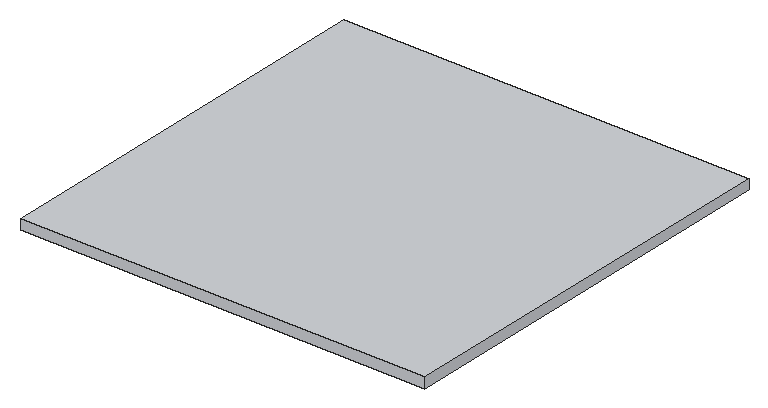
Revit family "79226", category Aparatos sanitarios, Revit 2017
Family settings
  Anfitrión = Cara
  Cota de conector redondo = Diámetro de uso
  Tipo de pieza = Normal
  Número OmniClass = 23.45.55.14
  Título OmniClass = Single Faucets
  Corte con vacíos al cargar = No
  Compartido = No
  Punto de cálculo de habitación = No
Parameters (values of type "79226")
  URL = "http://www.griferiasgalindo.com"
  Teléfono = "(+34) 915 782 575"
  TIPO DE AGUA = "Fria"
  REFERENCIA = "79226"
  Presión Máxima = "Max. 8 bar"
  PESO BRUTO = "1,500 Kg"
  Modelo = "PRESTO DOMO SENSIA - P con Alimentador 12V 2 Inox"
  Material = LATON CROMADO
  Imagen de tipo = <Ninguno>
  Fabricante = "PRESTO IBÉRICA"
  Default Elevation = 1219.2 mm
  ENTRADA = "Macho 1/2\""
  Descripción = "Grifo eléctronico para lavabo de un agua para instalación mural."
  Código de montaje = "C1030220"
  Contacto = "info@prestoiberica.com"
  Conexión AF = yes
  Conexión AC = no
  Comentarios de tipo = "Ahorro de agua y energia. Componentes integrados. Conexiones internas estancas. Suministrador con caja para empotrar. Cierre automático de electroválvula en caso de fallo de alimentación eléctrica. Aireador \"Flowing Ecosystems\". Aclarado automático c/24h. Pack de pila CR-P2 estanco. Temperatura máxima 70ºC"
  CIERRE = "Automático en 120 seg."
  CAUDAL = "6 l/min."
  Accionamiento = "Manual"
Reference planes
  plane 1 "Centro (Frontal/Posterior)": y = 0
  plane 2: z = 0
  plane 3 "Centro (Izquierda/Derecha)": x = 0
Forms (mm)
  Extrusion 1, solid
    sketch origin (0, 0, 0) x (1, 0, 0) y (0, 1, 0)
      loop
        line (-100, 100) -> (-100, -100) -> (100, -100) -> (100, 100) -> (-100, 100)
    from 0 to -5
Dimensions and locks
  Extrusion 1 sketch curve to plane 1 "Centro (Frontal/Posterior)" = 100 mm
  aligned and locked: plane 2 to Extrusion 1
  aligned and locked: level to Extrusion 1
Connectors
  piping at (0, -43.5, -62.5), diameter 12.7
    settings: on import instance, index 1, connector inside diameter 609.6 mm, connector length 0 mm, flow factor 0, pipe flow 0.0 L/s, pressure drop 0.0 Pa, fitting loss kfactor 0, connector angle 0.00°, fixture units 0, engagement length 0 mm, angle of deflection 0.00°, flow configuration 0, flow direction 1, fitting loss method 0, system type 20, joint type 0, gender type 0, connector reference index -1, connector utility 0, adjustable connector no, is connector primary yes, connector description ""
